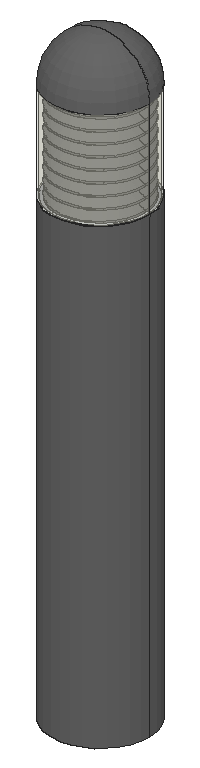
Revit family "BOL6", category Generic Models, host Floor, Revit 2024
Family settings
  Host = Floor
  Can host rebar = No
  Round Connector Dimension = Use Diameter
  Part Type = Normal
  Always vertical = Yes
  Cut with Voids When Loaded = No
  Maintain Annotation Orientation = No
  Shared = No
  Room Calculation Point = No
Parameters
  Default Elevation = 0' - 0"
Reference planes (in)
  plane 1 "Center (Front/Back)": y = 0
  plane 2: z = 0
  plane 3 "Center (Left/Right)": x = 0
Forms (in)
  Revolve 1, solid
    sketch origin (0, 0, 0) x (1, 0, 0) y (0, 0, 1)
      loop
        line (-3.49975, 32.76341) -> (-3.49975, 0) -> (-3.406, 0) -> (-3.406, 32.76341) -> (-3.49975, 32.76341)
      loop
        arc (0, 43.25) -> (-2.47013, 42.22961) -> (-3.5, 39.76341) r 3.50002
        line (-3.5, 39.76341) -> (-3.40625, 39.76341)
        arc (-3.40625, 39.76341) -> (-2.40384, 42.16332) -> (0, 43.15625) r 3.40627
        line (0, 43.15625) -> (0, 43.25)
      axis (0, 43.25) -> (0, 0)
    angle from 0 to 360
  Revolve 2, solid, material "ACRL"
    sketch origin (0, 0, 0) x (1, 0, 0) y (0, 0, 1)
      loop
        line (-3.48814, 32.76341) -> (-3.39439, 32.76341) -> (-3.39439, 39.76341) -> (-3.48814, 39.76341) -> (-3.48814, 32.76341)
      axis (0, 39.76341) -> (0, 32.76341)
    angle from 0 to 360
  Revolve 3, solid, material "78"
    sketch origin (0, 0, 0) x (1, 0, 0) y (0, 0, 1)
      loop
        line (-2.74055, 39.76341) -> (-3.125, 39.41726) -> (-3.125, 39.30187) -> (-2.6483, 39.30187) -> (-2.6483, 39.02917) -> (-3.125, 38.59995) -> (-3.125, 38.48456) -> (-2.6483, 38.48456) -> (-2.6483, 38.21187) -> (-3.125, 37.78264) -> (-3.125, 37.66726) -> (-2.6483, 37.66726) -> (-2.6483, 37.39456) -> (-3.125, 36.96533) -> (-3.125, 36.84995) -> (-2.6483, 36.84995) -> (-2.6483, 36.57725) -> (-3.125, 36.14803) -> (-3.125, 36.03264) -> (-2.6483, 36.03264) -> (-2.6483, 35.75995) -> (-3.125, 35.33072) -> (-3.125, 35.21533) -> (-2.6483, 35.21533) -> (-2.6483, 34.94264) -> (-3.125, 34.51341) -> (-3.125, 34.39803) -> (-2.6483, 34.39803) -> (-2.6483, 34.12533) -> (-3.125, 33.6961) -> (-3.125, 33.58072) -> (-2.6483, 33.58072) -> (-2.6483, 33.30802) -> (-3.125, 32.8788) -> (-3.125, 32.76341) -> (-2.6483, 32.76341) -> (-2.3983, 32.76341) -> (-2.3983, 39.76341) -> (-2.74055, 39.76341)
      axis (0, 39.76341) -> (0, 32.76341)
    angle from 0 to 360
Dimensions and locks (in)
  equal spacing: host sketch curve, plane 1 "Center (Front/Back)", host sketch curve
  equal spacing: host sketch curve, plane 3 "Center (Left/Right)", host sketch curve
  host sketch curve to host sketch curve = 10' - 0"  (x2)
  aligned and locked: level to plane 2
